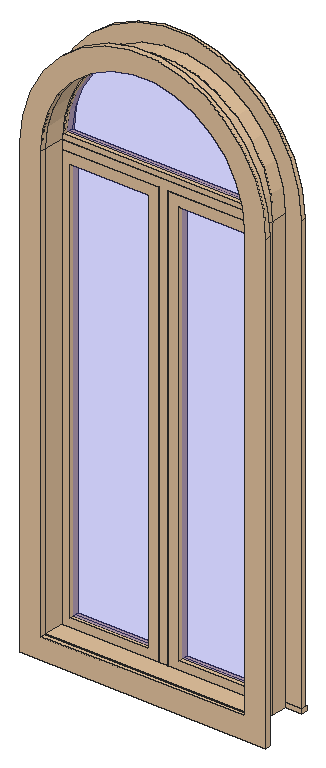
Revit family
Parameters (values of type "0915 x 1830mm")
  Glass Pane Material = Glass
  Height = 1830.00 mm
  Model = ""
  Sash = Sash
  Default Sill Height = 305.00 mm
  Trim Exterior Material = Trim
  Trim Interior Material = Trim
  Trim Projection - Ext. = 13.00 mm
  Trim Projection - Int. = 19.00 mm
  Trim Width - Exterior = 89.00 mm
  Trim Width - Interior = 89.00 mm
  Wall Closure = (empty or 0)
  Width = 915.00 mm
  Window Inset = 19.00 mm
Types (5, lengths in mm): name | Height | Default Sill Height | Width
  (no name) | 1830.00 | 305.00 | 915.00
  0915 x 1830mm | 1830.00 | 305.00 | 915.00
  0915 x 1220mm | 1220.00 | 915.00 | 915.00
  1220 x 1220mm | 1220.00 | 915.00 | 1220.00
  1220 x 1830mm | 1830.00 | 305.00 | 1220.00
Reference planes
  plane 1: y = 0
  plane 2 "Center": x = 8.002
  plane 3 "Left": x = 465.502
  plane 4 "Right": x = -449.498
  plane 5 "Sill": z = 305
  plane 6 "Top": z = 2135
  plane 7: z = 2154.05
  plane 8: z = 2154.05
  plane 9: z = 2154.05
  plane 10: z = 2154.05
  plane 11: z = 2154.05
  plane 12: z = 2154.05
  plane 13: z = 2154.05
  plane 14 "Radius": z = 1220
  plane 15: x = -430.448
  plane 16: x = -417.748
  plane 17: x = -519.448
  plane 18: x = -506.748
  plane 19: x = 433.752
  plane 20: x = 446.452
  plane 21: x = 522.752
  plane 22: x = 535.452
  plane 23: z = 247.75
  plane 24: z = 336.75
  plane 25 "Closure": y = 28.625
Forms (mm)
  Extrusion 1, solid, material "Trim" <- "Trim Interior Material"
    sketch origin (8.002, -19.05, 0) x (-1, 0, 0) y (0, 0, 1)
      loop
        line (-457.5, 2154.05) -> (-457.5, 305) -> (457.5, 305) -> (457.5, 2154.05)
        arc (457.5, 2154.05) -> (0, 2611.55) -> (-457.5, 2154.05) r 457.5
      loop
        line (-425.75, 2154.05) -> (-425.75, 336.75) -> (425.75, 336.75) -> (425.75, 2154.05)
        arc (425.75, 2154.05) -> (0, 2579.8) -> (-425.75, 2154.05) r 425.75
    from 31.8 to -57.15
  Extrusion 2, solid, material "Sash" <- "Sash"
    sketch origin (8.002, -19.05, 0) x (-1, 0, 0) y (0, 0, 1)
      loop
        line (19.05, 2115.95) -> (19.05, 324.05) -> (438.45, 324.05) -> (438.45, 2115.95) -> (19.05, 2115.95)
      loop
        line (63.5, 2071.5) -> (63.5, 368.5) -> (394, 368.5) -> (394, 2071.5) -> (63.5, 2071.5)
    from 31.8 to 76.25
  Extrusion 3, solid, material "Glass" <- "Glass Pane Material"
    sketch origin (-116.968, -19.05, -117.036) x (1, 0, 0) y (0, 0, 1)
      loop
        line (-269.029, 2188.536) -> (-269.029, 485.536) -> (61.471, 485.536) -> (61.471, 2188.536) -> (-269.029, 2188.536)
    from -60.375 to -47.675
  Extrusion 4, solid, material "Trim" <- "Trim Exterior Material"
    sketch origin (8.002, -19.05, 0) x (-1, 0, 0) y (0, 0, 1)
      loop
        arc (-438.45, 2154.05) -> (0, 2592.5) -> (438.45, 2154.05) r 438.45
        line (438.45, 2154.05) -> (438.45, 324.05) -> (527.45, 324.05) -> (527.45, 2154.05)
        arc (527.45, 2154.05) -> (0, 2681.5) -> (-527.45, 2154.05) r 527.45
        line (-527.45, 2154.05) -> (-527.45, 324.05) -> (-438.45, 324.05) -> (-438.45, 2154.05)
    from 95.25 to 108.25
  Extrusion 5, solid, material "Trim" <- "Trim Exterior Material"
    sketch origin (8.002, -19.05, 0) x (-1, 0, 0) y (0, 0, 1)
      loop
        line (-527.45, 324.05) -> (-527.45, 305) -> (527.45, 305) -> (527.45, 324.05) -> (-527.45, 324.05)
    from 95.25 to 120.95
  Extrusion 6, solid, material "Sash" <- "Sash"
    sketch origin (8.002, -19.05, 0) x (1, 0, 0) y (0, 0, 1)
      loop
        line (-19.05, 2115.95) -> (-19.05, 324.05) -> (19.05, 324.05) -> (19.05, 2115.95) -> (438.45, 2115.95) -> (438.45, 2154.05) -> (-438.45, 2154.05) -> (-438.45, 2115.95) -> (-19.05, 2115.95)
    from -95.3 to -31.8
  Extrusion 7, solid, material "Sash" <- "Sash"
    sketch origin (8.002, -19.05, 0) x (-1, 0, 0) y (0, 0, 1)
      loop
        line (-438.45, 2115.95) -> (-438.45, 324.05) -> (-19.05, 324.05) -> (-19.05, 2115.95) -> (-438.45, 2115.95)
      loop
        line (-394, 2071.5) -> (-394, 368.5) -> (-63.5, 368.5) -> (-63.5, 2071.5) -> (-394, 2071.5)
    from 31.8 to 76.25
  Extrusion 8, solid, material "Glass" <- "Glass Pane Material"
    sketch origin (8.002, -19.05, 0) x (-1, 0, 0) y (0, 0, 1)
      loop
        line (-394, 2071.5) -> (-394, 368.5) -> (-63.5, 368.5) -> (-63.5, 2071.5) -> (-394, 2071.5)
    from 47.675 to 60.375
  Extrusion 9, solid, material "Trim" <- "Trim Exterior Material"
    sketch origin (0, -19.05, 0) x (1, 0, 0) y (0, 0, 1)
      loop
        line (-449.498, 2154.05) -> (-449.498, 305) -> (465.502, 305) -> (465.502, 2154.05)
        arc (465.502, 2154.05) -> (8.002, 2611.55) -> (-449.498, 2154.05) r 457.5
      loop
        line (-430.448, 2154.05) -> (-430.448, 324.05) -> (446.452, 324.05) -> (446.452, 2154.05)
        arc (446.452, 2154.05) -> (8.002, 2592.5) -> (-430.448, 2154.05) r 438.45
    from -95.25 to -31.8
  Extrusion 10, solid, material "Sash" <- "Sash"
    sketch origin (0, 0, 0) x (-1, 0, 0) y (0, 0, 1)
      loop
        arc (430.448, 2154.05) -> (-8.002, 2592.5) -> (-446.452, 2154.05) r 438.45
        line (-446.452, 2154.05) -> (430.448, 2154.05)
      loop
        arc (411.08, 2173.1) -> (-8.002, 2573.565) -> (-427.085, 2173.1) r 419.515
        line (-427.085, 2173.1) -> (411.08, 2173.1)
    from 12.75 to 57.2
  Extrusion 11, solid, material "Glass" <- "Glass Pane Material"
    sketch origin (0, 0, 0) x (-1, 0, 0) y (0, 0, 1)
      loop
        arc (411.08, 2173.1) -> (-8.002, 2573.565) -> (-427.085, 2173.1) r 419.515
        line (-427.085, 2173.1) -> (411.08, 2173.1)
    from 28.625 to 41.325
  Extrusion 12, solid, material "Trim" <- "Trim Interior Material"
    sketch origin (0, 0, 0) x (1, 0, 0) y (0, 0, 1)
      loop
        arc (433.752, 2154.05) -> (8.002, 2579.8) -> (-417.748, 2154.05) r 425.75
        line (-417.748, 2154.05) -> (-417.748, 336.75) -> (433.752, 336.75) -> (433.752, 2154.05)
      loop
        arc (522.752, 2154.05) -> (8.002, 2668.8) -> (-506.748, 2154.05) r 514.75
        line (-506.748, 2154.05) -> (-506.748, 247.75) -> (522.752, 247.75) -> (522.752, 2154.05)
    from 76.2 to 95.2
Lines and regions (mm)
  Opening 1
    outline origin (-1524, -76.2, 0) x (1, 0, 0) y (0, 0, 1)
      loop
        line (1074.502, 2154.05) -> (1074.502, 305) -> (1989.502, 305) -> (1989.502, 2154.05)
        arc (1989.502, 2154.05) -> (1532.002, 2611.55) -> (1074.502, 2154.05) r 457.5
  symbolic lines, style "Windows"
    curve 1: line (-430.448, 76.2, 0) -> (-430.448, 12.75, 0)
    curve 2: line (-417.748, 12.75, 0) -> (-417.748, -76.2, 0)
    curve 3: line (-449.498, 76.2, 0) -> (-430.448, 76.2, 0)
    curve 4: line (-417.748, 12.75, 0) -> (-430.448, 12.75, 0)
    curve 5: line (-417.748, -76.2, 0) -> (-449.498, -76.2, 0)
    curve 6: line (-430.448, 57.2, 0) -> (-385.998, 57.2, 0)
    curve 7: line (-430.448, 57.2, 0) -> (-430.448, 12.75, 0)
    curve 8: line (-430.448, 12.75, 0) -> (-385.998, 12.75, 0)
    curve 9: line (-385.998, 57.2, 0) -> (-385.998, 12.75, 0)
    curve 10: line (446.452, 76.2, 0) -> (446.452, 12.75, 0)
    curve 11: line (433.752, 12.75, 0) -> (433.752, -76.2, 0)
    curve 12: line (402.002, 57.2, 0) -> (402.002, 12.75, 0)
    curve 13: line (446.452, 76.2, 0) -> (465.502, 76.2, 0)
    curve 14: line (402.002, 57.2, 0) -> (446.452, 57.2, 0)
    curve 15: line (402.002, 12.75, 0) -> (446.452, 12.75, 0)
    curve 16: line (433.752, -76.2, 0) -> (465.502, -76.2, 0)
    curve 17: line (-55.498, 12.75, 0) -> (-55.498, 57.2, 0)
    curve 18: line (-55.498, 57.2, 0) -> (-11.048, 57.2, 0)
    curve 19: line (-11.048, 57.2, 0) -> (-11.048, 76.25, 0)
    curve 20: line (-11.048, 76.25, 0) -> (27.052, 76.25, 0)
    curve 21: line (27.052, 76.25, 0) -> (27.052, 57.2, 0)
    curve 22: line (27.052, 57.2, 0) -> (71.502, 57.2, 0)
    curve 23: line (71.502, 57.2, 0) -> (71.502, 12.75, 0)
    curve 24: line (71.502, 12.75, 0) -> (-55.498, 12.75, 0)
    curve 25: line (-11.048, 57.2, 0) -> (-11.048, 12.75, 0)
    curve 26: line (27.052, 57.2, 0) -> (27.052, 12.75, 0)
    curve 27: line (-385.998, 34.975, 0) -> (-55.498, 34.975, 0)
    curve 28: line (71.502, 34.975, 0) -> (402.002, 34.975, 0)
  symbolic lines, style "Elevation Swing"
    curve 29: line (27.052, 0, 2115.95) -> (446.452, 0, 1220)
    curve 30: line (446.452, 0, 1220) -> (27.052, 0, 324.05)
    curve 31: line (-11.048, 0, 324.05) -> (-430.448, 0, 1220)
    curve 32: line (-11.048, 0, 2115.95) -> (-430.448, 0, 1220)
Text (mm)
  text "Exterior" at (0, 1019.848, 3124.603), in view "Right"
  text "Exterior" at (-1787.662, 723.012, 0), in view "Floor Line"
  text "Exterior" at (0, 1206.291, 3571.227), in view "Left"
Dimensions and locks
  equal spacing: plane 4 "Right", plane 2 "Center", plane 3 "Left"
  "Default Sill Height": host wall to plane 5 "Sill"
  locked: plane 6 "Top" to plane 7 at 19.05
  locked: plane 6 "Top" to plane 8 at 19.05
  locked: plane 6 "Top" to plane 9 at 19.05
  locked: plane 6 "Top" to plane 10 at 19.05
  locked: plane 6 "Top" to plane 11 at 19.05
  locked: plane 6 "Top" to plane 12 at 19.05
  locked: Extrusion 6 to Extrusion 2 at 19.05
  "Trim Projection - Ext.": Extrusion 4 to Extrusion 4
  locked: Extrusion 5 to Extrusion 4 at 12.7
  locked: Extrusion 2 to Extrusion 2 at 44.45
  locked: Extrusion 2 to Extrusion 3 at 15.875
  locked: Extrusion 3 to Extrusion 3 at 12.7
  locked: Extrusion 6 to Extrusion 6 at 63.5
  "Trim Projection - Int.": Extrusion 12 to Extrusion 12
  "Window Inset": Extrusion 4 to Extrusion 10
  equal spacing: plane 5 "Sill", plane 14 "Radius", plane 6 "Top"
  locked: plane 13 to plane 6 "Top" at 19.05
  locked: plane 20 to plane 3 "Left" at 19.05
  locked: plane 19 to plane 3 "Left" at 31.75
  locked: plane 4 "Right" to plane 15 at 19.05
  locked: plane 4 "Right" to plane 16 at 31.75
  "Trim Width - Exterior": plane 22 to plane 20
  "Trim Width - Exterior": plane 15 to plane 17
  locked: plane 24 to plane 5 "Sill" at 31.75
  "Trim Width - Interior": plane 24 to plane 23
  "Trim Width - Interior": plane 16 to plane 18
  "Trim Width - Interior": plane 21 to plane 19
  locked: Extrusion 5 sketch curve to Extrusion 5 sketch curve at 19.05
  "Width": plane 4 "Right" to plane 3 "Left"
  "Height": plane 5 "Sill" to plane 6 "Top"
  locked: host wall to plane 25 "Closure" at 47.575
  aligned and locked: plane 4 "Right" to Opening 1 sketch curve  (x2)
  aligned and locked: plane 3 "Left" to Opening 1 sketch curve
  aligned and locked: Extrusion 3 sketch curve to Extrusion 2  (x4)
  aligned and locked: Extrusion 5 sketch curve to Extrusion 4
  aligned and locked: Extrusion 2 sketch curve to Extrusion 6
  aligned and locked: Extrusion 7 sketch curve to Extrusion 6  (x2)
  aligned and locked: Extrusion 8 sketch curve to Extrusion 7  (x4)
  aligned and locked: plane 8 to Extrusion 4 sketch curve  (x2)
  aligned and locked: Extrusion 4 sketch curve to plane 8
  aligned and locked: Extrusion 9 sketch curve to Extrusion 4  (x3)
  aligned and locked: Extrusion 9 sketch curve to plane 3 "Left"
  aligned and locked: Extrusion 9 sketch curve to plane 4 "Right"
  aligned and locked: Extrusion 1 sketch curve to Extrusion 9  (x2)
  aligned and locked: Extrusion 9 to Extrusion 1
  aligned and locked: Extrusion 10 sketch curve to Extrusion 4  (x2)
  aligned and locked: Extrusion 10 to Extrusion 1
  aligned and locked: Extrusion 6 sketch curve to Extrusion 4  (x2)
  aligned and locked: Extrusion 11 sketch curve to Extrusion 10  (x2)
  aligned and locked: Extrusion 11 to Extrusion 3
  aligned and locked: Extrusion 5 to host wall
  aligned and locked: Extrusion 2 to Extrusion 7
  aligned and locked: Extrusion 10 to Extrusion 2
  aligned and locked: host wall to Extrusion 9
  aligned and locked: Extrusion 4 to host wall
  aligned and locked: host wall to Extrusion 1
  aligned and locked: Extrusion 3 to Extrusion 11
  aligned and locked: Extrusion 8 to Extrusion 3  (x2)
  aligned and locked: Extrusion 9 to Extrusion 2
  aligned and locked: Extrusion 6 to Extrusion 1  (x4)
  aligned and locked: Extrusion 7 to Extrusion 1
  aligned and locked: Extrusion 6 to curve 1
  aligned and locked: Extrusion 9 to curve 3
  aligned and locked: Extrusion 9 to curve 10
  aligned and locked: curve 11 to Extrusion 1
  aligned and locked: curve 12 to Extrusion 7
  aligned and locked: curve 25 to Extrusion 2
  aligned and locked: curve 26 to Extrusion 7
  aligned and locked: Extrusion 1 to curve 16
  aligned and locked: Extrusion 4 to curve 3
  aligned and locked: Extrusion 4 to curve 13
  aligned and locked: curve 5 to Extrusion 1
  aligned and locked: Extrusion 12 sketch curve to Extrusion 1  (x3)
  aligned and locked: plane 13 to Extrusion 12 sketch curve
  aligned and locked: Extrusion 12 to host wall
  aligned and locked: curve 6 to Extrusion 2
  aligned and locked: Extrusion 1 to curve 24
  aligned and locked: curve 22 to Extrusion 7
  aligned and locked: curve 15 to Extrusion 1
  aligned and locked: curve 14 to Extrusion 7
  aligned and locked: curve 8 to Extrusion 1
  aligned and locked: Extrusion 1 to curve 4
  aligned and locked: curve 18 to Extrusion 2
  aligned and locked: curve 27 to curve 28
Automatic sketch dimensions
  Opening 1 sketch curve to plane 5 "Sill" = 0.00 mm
  Opening 1 sketch curve to plane 7 = 0.00 mm
  Extrusion 2 sketch curve to Extrusion 2 sketch curve = 44.45 mm  (x2)
  plane 4 "Right" to Extrusion 2 sketch curve = 63.50 mm
  plane 4 "Right" to Extrusion 2 sketch curve = 19.05 mm
  Extrusion 2 sketch curve to plane 5 "Sill" = 19.05 mm
  plane 6 "Top" to Extrusion 2 sketch curve = 63.50 mm
  plane 6 "Top" to Extrusion 2 sketch curve = 19.05 mm
  plane 2 "Center" to Extrusion 7 sketch curve = 63.50 mm
  Extrusion 7 sketch curve to plane 3 "Left" = 63.50 mm
  Extrusion 7 sketch curve to plane 3 "Left" = 19.05 mm
  Extrusion 7 sketch curve to Extrusion 7 sketch curve = 44.45 mm
  plane 6 "Top" to Extrusion 7 sketch curve = 63.50 mm
  plane 6 "Top" to Extrusion 7 sketch curve = 19.05 mm
  Extrusion 9 sketch curve to plane 5 "Sill" = 0.00 mm
  Extrusion 9 sketch curve to plane 9 = 0.00 mm
  Extrusion 9 sketch curve to plane 5 "Sill" = 19.05 mm
  Extrusion 1 sketch curve to plane 3 "Left" = 0.00 mm
  Extrusion 1 sketch curve to plane 10 = 0.00 mm
  Extrusion 1 sketch curve to plane 2 "Center" = 0.00 mm
  Extrusion 1 sketch curve to plane 5 "Sill" = 0.00 mm
  Extrusion 1 sketch curve to plane 5 "Sill" = 31.75 mm
  Extrusion 1 sketch curve to Extrusion 1 sketch curve = 31.75 mm
  Extrusion 10 sketch curve to plane 2 "Center" = 0.00 mm  (x2)
  Extrusion 10 sketch curve to Extrusion 10 sketch curve = 19.368 mm  (x2)
  Extrusion 10 sketch curve to Extrusion 10 sketch curve = 0.00 mm
  Extrusion 10 sketch curve to plane 12 = 0.00 mm
  Extrusion 10 sketch curve to Extrusion 10 sketch curve = 19.05 mm
  Extrusion 6 sketch curve to plane 11 = 0.00 mm
  plane 2 "Center" to Extrusion 6 sketch curve = 19.05 mm
  Extrusion 6 sketch curve to plane 2 "Center" = 19.05 mm
  plane 6 "Top" to Extrusion 6 sketch curve = 19.05 mm  (x2)
  Extrusion 6 sketch curve to plane 5 "Sill" = 19.05 mm
  Extrusion 11 sketch curve to plane 2 "Center" = 0.00 mm
  Extrusion 11 sketch curve to plane 3 "Left" = 38.418 mm
  Extrusion 11 sketch curve to plane 6 "Top" = 19.05 mm
  curve 5 to plane 4 "Right" = 0.00 mm
  curve 13 to plane 3 "Left" = 0.00 mm
  curve 16 to plane 3 "Left" = 0.00 mm
  plane 4 "Right" to curve 2 = 31.75 mm
  curve 6 to curve 6 = 44.45 mm
  curve 27 to curve 25 = 44.45 mm
  curve 26 to curve 23 = 44.45 mm
  curve 28 to curve 22 = 22.225 mm
  curve 18 to curve 19 = 19.05 mm
  Extrusion 12 sketch curve to plane 18 = 0.00 mm
  Extrusion 12 sketch curve to plane 16 = 0.00 mm
  Extrusion 12 sketch curve to plane 2 "Center" = 0.00 mm
  Extrusion 12 sketch curve to plane 23 = 0.00 mm
  Extrusion 12 sketch curve to plane 24 = 0.00 mm
  Extrusion 5 sketch curve to plane 5 "Sill" = 0.00 mm
  Extrusion 5 sketch curve to plane 17 = 0.00 mm
  Extrusion 4 sketch curve to plane 22 = 0.00 mm
  Extrusion 4 sketch curve to plane 20 = 0.00 mm
  Extrusion 4 sketch curve to plane 2 "Center" = 0.00 mm  (x2)
  Extrusion 4 sketch curve to plane 5 "Sill" = 19.05 mm  (x2)
  curve 32 to plane 14 "Radius" = 0.00 mm
  curve 30 to plane 14 "Radius" = 0.00 mm
  curve 32 to plane 15 = 0.00 mm
  curve 30 to plane 20 = 0.00 mm
  plane 6 "Top" to curve 29 = 19.05 mm
  plane 6 "Top" to curve 32 = 19.05 mm
  plane 24 to curve 31 = 12.70 mm
  plane 24 to curve 30 = 12.70 mm
  curve 31 to plane 2 "Center" = 19.05 mm
  curve 32 to plane 2 "Center" = 19.05 mm
  plane 2 "Center" to curve 30 = 19.05 mm
  plane 2 "Center" to curve 29 = 19.05 mm
